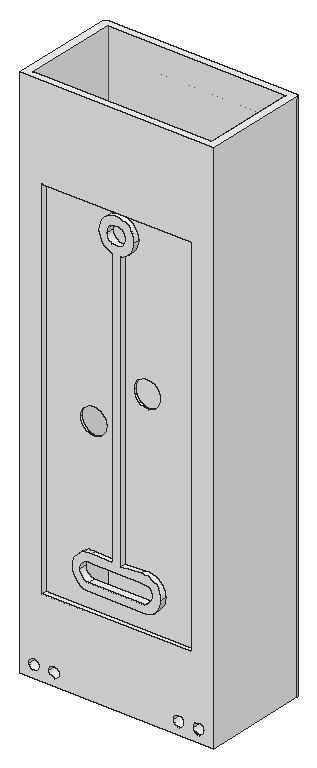
Revit family "STH9731BR_30_STH9731PTO_30", category Luminárias, Revit 2023
Family settings
  Hospedeiro = Parede
  Cota do conector redondo = Utilizar diâmetro
  Tipo de parte = Normal
  Número OmniClass = 23.80.70.00
  Título OmniClass = Lighting
  Sempre na vertical = Sim
  Corte com vazios quando carregada = Não
  Fonte luminosa = Sim
  Manter orientação da anotação = Não
  Compartilhado = Não
  Ponto de cálculo do ambiente = Não
Parameters (values of type "STH9731BR/30 - BRANCO - BIVOLT - 3000K - 110lm")
  Ângulo de inclinação = 90.00°
  Ângulo de Abertura = "70º/4°"
  Wattage = 0.336605 W
  Vidro = Vidro
  URL = "https://stella.com.br/"
  Troca de temperatura da cor de lâmpada com esmaecimento = <Nenhum>
  Tensão Elétrica = "100V-240V"
  built-in parameter 1150107 = 3000 (stored number, unit not read)
  Temperatura da cor (K) = 3000 K
  Referência = "STH9731BR/30"
  Potência = 5 W
  built-in parameter 1150110 = 1 (stored number, unit not read)
  built-in parameter 1150109 = 1 (stored number, unit not read)
  built-in parameter 1114218 = 1 (stored number, unit not read)
  built-in parameter 1150112 = 1 (stored number, unit not read)
  built-in parameter 1150113 = 1 (stored number, unit not read)
  built-in parameter 1150132 = 2
  built-in parameter 1150137 = (empty or 0)
  Modelo = "Wall Mini"
  Luminoso = Luminoso - 3000K
  built-in parameter 1150106 = 0.039789 (stored number, unit not read)
  Largura = 0.02 m
  built-in parameter 1150102 = (empty or 0)
  built-in parameter 1150105 = 3.9789 (stored number, unit not read)
  IRC (Índice de reprodução de cores) = ">80"
  Grau de proteção (IP) = "IP65"
  Fluxo Luminoso = 110 lm
  Color Filter = 16777215
  built-in parameter 1114217 = 1 (stored number, unit not read)
  built-in parameter 1150139 = (empty or 0)
  Fabricante = "Stella"
  Estrutura = Al - Branco
  Default Elevation = 0.00 m
  built-in parameter 1150104 = 13.8 (stored number, unit not read)
  Dimerização = "Não dimerizável"
  built-in parameter 1150115 = 1 (stored number, unit not read)
  built-in parameter 1150114 = 1 (stored number, unit not read)
  Lumens = 50 lm
  built-in parameter 1150138 = (empty or 0)
  built-in parameter 1150134 = (empty or 0)
  Comprimento = 0.036 m
  Arquivo de rede fotométrica = "STELLA - WALL MINI - FACHO FECHADO.ies"
  Altura = 0.10 m
  built-in parameter 1150133 = 10 (stored number, unit not read)
Types (3, lengths in m): name | Referência | Estrutura
  (no name) | "STH9731BR/30" | Al - Branco
  STH9731BR/30 - BRANCO - BIVOLT - 3000K - 110lm | "STH9731BR/30" | Al - Branco
  STH9731PTO/30 - PRETO - BIVOLT - 3000K - 110lm | "STH9731PTO/30" | Al - Preto
Reference planes (m)
  plane 1: y = 0
  plane 2 "Eixo de origem da luz (F/T)": y = 0.1132
  plane 3 "Plano de inclinação da fonte de luz": x = -0.036356
  plane 4 "Elevação da origem da luz": z = 1
  plane 5: x = -0.018356
  plane 6: x = -0.054356
  plane 7: y = 0.1232
  plane 8 "Superior": z = 1.05
  plane 9: z = 0.95
  plane 10 "Centro": z = 1
Forms (m)
  Extrusion 1, solid, material "Al - Branco" <- "Estrutura"
    sketch origin (0, 0, 1) x (0, 1, 0) y (-1, 0, 0)
      loop
        arc (0.1232, 0.053756) -> (0.123024, 0.05418) -> (0.1226, 0.054356) r 0.0006
        line (0.1226, 0.054356) -> (0.1032, 0.054356) -> (0.1032, 0.018356) -> (0.1226, 0.018356)
        arc (0.1226, 0.018356) -> (0.123024, 0.018531) -> (0.1232, 0.018956) r 0.0006
        line (0.1232, 0.018956) -> (0.1232, 0.053756)
      loop
        line (0.104493, 0.052956) -> (0.104493, 0.019756) -> (0.121793, 0.019756) -> (0.121793, 0.052956) -> (0.104493, 0.052956)
    from -0.05 to 0.05
  Extrusion 2, solid, material "Vidro" <- "Vidro"
    sketch origin (-0.000175, 0, 1) x (0, 1, 0) y (-1, 0, 0)
      loop
        line (0.104493, 0.052781) -> (0.104493, 0.019581) -> (0.121793, 0.019581) -> (0.121793, 0.052781) -> (0.104493, 0.052781)
    from 0.0455 to 0.05
  Extrusion 3, solid, material "Vidro" <- "Vidro"
    sketch origin (-0.000175, 0, 1) x (0, 1, 0) y (-1, 0, 0)
      loop
        line (0.104493, 0.044856) -> (0.104493, 0.027506) -> (0.121793, 0.027506) -> (0.121793, 0.044856) -> (0.104493, 0.044856)
    from -0.05 to -0.045483
  Extrusion 4, void
    sketch origin (-0.036356, 0, 0) x (0, -1, 0) y (0, 0, 1)
      loop
        line (-0.110858, 0.956738) -> (-0.106144, 0.956738) -> (-0.105431, 0.95753) -> (-0.111496, 0.95753) -> (-0.110858, 0.956738)
      loop
        line (-0.106144, 0.955785) -> (-0.110858, 0.955785) -> (-0.110858, 0.954985) -> (-0.106144, 0.954985) -> (-0.106144, 0.955785)
      loop
        line (-0.110858, 0.954033) -> (-0.111496, 0.953241) -> (-0.105431, 0.953241) -> (-0.106144, 0.954033) -> (-0.110858, 0.954033)
    from 0.01737 to 0.018
  Extrusion 5, void
    sketch origin (0, 0.1132, 0) x (1, 0, 0) y (0, 0, 1)
      loop
        line (-0.022456, 1.0329) -> (-0.050256, 1.0329) -> (-0.050256, 0.9646) -> (-0.022456, 0.9646) -> (-0.022456, 1.0329)
      loop
        arc (-0.039606, 1.029) -> (-0.038905, 1.026984) -> (-0.037106, 1.025838) r 0.00325
        line (-0.037106, 1.025838) -> (-0.037106, 0.974255)
        arc (-0.037106, 0.974255) -> (-0.039027, 0.974315) -> (-0.040945, 0.974443) r 0.05475
        arc (-0.040945, 0.974443) -> (-0.044536, 0.97164) -> (-0.041799, 0.968) r 0.00325
        arc (-0.041799, 0.968) -> (-0.036409, 0.967758) -> (-0.031019, 0.967991) r 0.061242
        arc (-0.031019, 0.967991) -> (-0.028906, 0.969033) -> (-0.028052, 0.971228) r 0.00325
        arc (-0.028052, 0.971228) -> (-0.029187, 0.973696) -> (-0.0318, 0.97444) r 0.00325
        arc (-0.0318, 0.97444) -> (-0.033701, 0.974314) -> (-0.035606, 0.974255) r 0.05475
        line (-0.035606, 0.974255) -> (-0.035606, 1.025838)
        arc (-0.035606, 1.025838) -> (-0.033806, 1.026984) -> (-0.033106, 1.029) r 0.00325
        arc (-0.033106, 1.029) -> (-0.036356, 1.03225) -> (-0.039606, 1.029) r 0.00325
    from 0.009 to 0.01
  Extrusion 6, void
    sketch origin (0, 0.1132, 0) x (1, 0, 0) y (0, 0, 1)
      loop
        circle (-0.031356, 1.004) r 0.0025
      loop
        circle (-0.041356, 0.996) r 0.0025
      loop
        arc (-0.041097, 0.97295) -> (-0.042531, 0.972572) -> (-0.043159, 0.971228) r 0.00175
        arc (-0.043159, 0.971228) -> (-0.0427, 0.970046) -> (-0.041562, 0.969485) r 0.00175
        arc (-0.041562, 0.969485) -> (-0.03633, 0.969258) -> (-0.031098, 0.969489) r 0.059742
        arc (-0.031098, 0.969489) -> (-0.029666, 0.971472) -> (-0.031614, 0.97295) r 0.00175
        arc (-0.031614, 0.97295) -> (-0.036356, 0.97275) -> (-0.041097, 0.97295) r 0.05625
      loop
        circle (-0.036356, 1.029) r 0.00175
    from 0.008564 to 0.010221
  Extrusion 7, void
    sketch origin (0, 0.1132, 0) x (1, 0, 0) y (0, 0, 1)
      loop
        circle (-0.047918, 0.952267) r 0.001
      loop
        circle (-0.051669, 0.952267) r 0.001
      loop
        circle (-0.024793, 0.952267) r 0.001
      loop
        circle (-0.021042, 0.952267) r 0.001
    from -0.008 to 0.01
  Extrusion 8, solid, material "Al - Branco" <- "Estrutura"
    sketch origin (-0.0081, -0.03, 1) x (0, 1, 0) y (-1, 0, 0)
      loop
        line (0.134493, 0.044856) -> (0.134493, 0.03693) -> (0.151793, 0.03693) -> (0.151793, 0.044856) -> (0.134493, 0.044856)
      loop
        line (0.134493, 0.011656) -> (0.151793, 0.011656) -> (0.151793, 0.019581) -> (0.134493, 0.019581) -> (0.134493, 0.011656)
    from -0.05 to -0.045483
Cuts and joins
  Extrusion 4, Extrusion 5, Extrusion 6, Extrusion 7 cuts Extrusion 1
  Extrusion 7 cuts Extrusion 8
  joined: Extrusion 1, Extrusion 8
Text (m)
  text "Lado da colocação" at (0, 1.019848, 2.959603), in view "Direita"
  text "Lado da colocação" at (-0.607662, 0.698012, 0), in view "Nível de referência"
  text "Lado da colocação" at (0, 1.206291, 3.311227), in view "Esquerda"
  text "90 graus" at (-0.2286, 1.737863, 1.839117), in view "Esquerda"
  text "Inclinação da luz de 0 graus" at (-0.2286, 0.870797, 0.30306), in view "Esquerda"
  text "180 graus" at (-0.2286, 0.532154, 2.671909), in view "Esquerda"
Dimensions and locks (m)
  "Comprimento": plane 6 to plane 5
  "Largura": cut or joined group of Extrusion 1, Extrusion 4, Extrusion 5, Extrusion 6, Extrusion 7, Extrusion 8 to plane 7
  "Altura": plane 9 to plane 8 "Superior"
  aligned and locked: Extrusion 1 to plane 9
  aligned and locked: plane 8 "Superior" to Extrusion 1
  aligned and locked: Extrusion 1 to Extrusion 2
Automatic sketch dimensions
  host wall to Extrusion 1 sketch curve = 0.00 m
  Extrusion 1 sketch curve to plane 5 = 0.00 m
  Extrusion 1 sketch curve to plane 6 = 0.00 m
  Extrusion 1 sketch curve to plane 7 = 0.00 m
  host wall to Extrusion 1 sketch curve = 0.001293 m
  Extrusion 1 sketch curve to plane 7 = 0.001407 m
  plane 6 to Extrusion 1 sketch curve = 0.0006 m
  Extrusion 1 sketch curve to plane 7 = 0.0006 m
  Extrusion 1 sketch curve to plane 5 = 0.0014 m
  Extrusion 1 sketch curve to Extrusion 1 sketch curve = 0.0008 m
  host wall to Extrusion 2 sketch curve = 0.001293 m
  Extrusion 2 sketch curve to plane 7 = 0.001407 m
  Extrusion 2 sketch curve to plane 3 "Plano de inclinação da fonte de luz" = 0.0166 m
  plane 3 "Plano de inclinação da fonte de luz" to Extrusion 2 sketch curve = 0.0166 m
  host wall to Extrusion 3 sketch curve = 0.001293 m
  Extrusion 3 sketch curve to plane 7 = 0.001407 m
  Extrusion 3 sketch curve to plane 3 "Plano de inclinação da fonte de luz" = 0.008675 m
  plane 3 "Plano de inclinação da fonte de luz" to Extrusion 3 sketch curve = 0.008675 m
  plane 2 "Eixo de origem da luz (F/T)" to Extrusion 4 sketch curve = 0.001704 m  (x2)
  Extrusion 4 sketch curve to Extrusion 4 sketch curve = 0.000638 m  (x2)
  Extrusion 4 sketch curve to Extrusion 4 sketch curve = 0.00 m  (x3)
  host wall to Extrusion 4 sketch curve = 0.002944 m
  Extrusion 4 sketch curve to Extrusion 4 sketch curve = 0.000713 m  (x2)
  plane 9 to Extrusion 4 sketch curve = 0.003241 m
  Extrusion 4 sketch curve to Extrusion 4 sketch curve = 0.000792 m  (x2)
  Extrusion 4 sketch curve to Extrusion 4 sketch curve = 0.000953 m  (x2)
  Extrusion 4 sketch curve to Extrusion 4 sketch curve = 0.0008 m
  plane 3 "Plano de inclinação da fonte de luz" to Extrusion 5 sketch curve = 0.00075 m
  plane 6 to Extrusion 5 sketch curve = 0.0041 m
  Extrusion 5 sketch curve to plane 3 "Plano de inclinação da fonte de luz" = 0.00075 m
  Extrusion 5 sketch curve to plane 5 = 0.0041 m
  plane 9 to Extrusion 5 sketch curve = 0.0146 m
  Extrusion 5 sketch curve to Extrusion 5 sketch curve = 0.003027 m
  Extrusion 5 sketch curve to Extrusion 5 sketch curve = 0.00 m  (x11)
  Extrusion 5 sketch curve to plane 8 "Superior" = 0.024162 m
  Extrusion 5 sketch curve to Extrusion 5 sketch curve = 0.003162 m
  Extrusion 5 sketch curve to Extrusion 5 sketch curve = 0.0039 m
  Extrusion 5 sketch curve to Extrusion 5 sketch curve = 0.000369 m
  Extrusion 5 sketch curve to Extrusion 5 sketch curve = 0.000498 m
  plane 3 "Plano de inclinação da fonte de luz" to Extrusion 6 sketch curve = 0.005 m
  Extrusion 6 sketch curve to plane 3 "Plano de inclinação da fonte de luz" = 0.005 m
  plane 4 "Elevação da origem da luz" to Extrusion 6 sketch curve = 0.004 m
  Extrusion 6 sketch curve to plane 4 "Elevação da origem da luz" = 0.004 m
  Extrusion 6 sketch curve to Extrusion 6 sketch curve = 0.0025 m  (x2)
  plane 6 to Extrusion 7 sketch curve = 0.002687 m
  Extrusion 7 sketch curve to Extrusion 7 sketch curve = 0.003751 m
  plane 9 to Extrusion 7 sketch curve = 0.002267 m  (x4)
  Extrusion 7 sketch curve to plane 5 = 0.006437 m
  Extrusion 7 sketch curve to plane 5 = 0.002687 m
  host wall to Extrusion 8 sketch curve = 0.001293 m  (x2)
  Extrusion 8 sketch curve to plane 7 = 0.001407 m  (x2)
  plane 6 to Extrusion 8 sketch curve = 0.0346 m
  Extrusion 8 sketch curve to Extrusion 8 sketch curve = 0.007925 m  (x2)
  Extrusion 8 sketch curve to Extrusion 8 sketch curve = 0.01735 m
  plane 3 "Plano de inclinação da fonte de luz" to Extrusion 5 sketch curve = 0.00 m
  plane 3 "Plano de inclinação da fonte de luz" to Extrusion 5 sketch curve = 0.004959 m
  Extrusion 5 sketch curve to plane 3 "Plano de inclinação da fonte de luz" = 0.005054 m
  Extrusion 5 sketch curve to Extrusion 5 sketch curve = 0.006614 m
  Extrusion 5 sketch curve to Extrusion 5 sketch curve = 0.000015 m
  Extrusion 5 sketch curve to Extrusion 5 sketch curve = 0.000484 m
  Extrusion 6 sketch curve to Extrusion 6 sketch curve = 0.00 m  (x5)
  plane 3 "Plano de inclinação da fonte de luz" to Extrusion 6 sketch curve = 0.005054 m
  plane 9 to Extrusion 6 sketch curve = 0.021228 m
  Extrusion 6 sketch curve to Extrusion 6 sketch curve = 0.00175 m
  Extrusion 6 sketch curve to Extrusion 6 sketch curve = 0.000153 m
  Extrusion 6 sketch curve to Extrusion 6 sketch curve = 0.000312 m
  plane 3 "Plano de inclinação da fonte de luz" to Extrusion 6 sketch curve = 0.00 m
  Extrusion 6 sketch curve to plane 8 "Superior" = 0.021 m
  Extrusion 6 sketch curve to plane 3 "Plano de inclinação da fonte de luz" = 0.004741 m
  Extrusion 6 sketch curve to Extrusion 6 sketch curve = 0.000516 m
  Extrusion 6 sketch curve to Extrusion 6 sketch curve = 0.000217 m
  plane 3 "Plano de inclinação da fonte de luz" to Extrusion 6 sketch curve = 0.00175 m
  radius of Extrusion 7 sketch curve = 0.001 m  (x4)
Nested families (m)
  nested 1: "Fonte Luminosa Wall Mini - Facho Aberto" at (-0.036356, 0.117387, 1.03002), type "Fonte Luminosa Wall Mini - Facho Aberto"
Connectors (m)
  electrical at (-0.036356, 0.1132, 1)
    settings: index 1, voltage 0 V, apparent load 0 VA, apparent load phase1 0 VA, apparent load phase2 0 VA, apparent load phase3 0 VA, power factor 1, load classification "Outro", number of poles 1, system type 31, power factor state 1, is connector primary yes, connector utility no, sub classification motor no, connector description ""
Definition of nested family "Fonte Luminosa Wall Mini - Facho Aberto"
  Parameters (values of type "Fonte Luminosa Wall Mini - Facho Aberto")
    Tilt Angle = 90.00°
    Wattage = 0.67321 W
    built-in parameter 1150110 = 1 (stored number, unit not read)
    built-in parameter 1114217 = 1 (stored number, unit not read)
    built-in parameter 1150109 = 1 (stored number, unit not read)
    Default Elevation = 0.00 m
    built-in parameter 1150134 = (empty or 0)
    built-in parameter 1150113 = 1 (stored number, unit not read)
    Lumens = 100 lm
    built-in parameter 1150115 = 1 (stored number, unit not read)
    built-in parameter 1150105 = 7.9577 (stored number, unit not read)
    built-in parameter 1150137 = (empty or 0)
    built-in parameter 1150139 = (empty or 0)
    built-in parameter 1150112 = 1 (stored number, unit not read)
    built-in parameter 1150114 = 1 (stored number, unit not read)
    built-in parameter 1150132 = 2
    built-in parameter 1150102 = (empty or 0)
    built-in parameter 1150138 = (empty or 0)
    built-in parameter 1150107 = 3000 (stored number, unit not read)
    built-in parameter 1150106 = 0.079577 (stored number, unit not read)
    built-in parameter 1150104 = 13.8 (stored number, unit not read)
    Dimming Lamp Color Temperature Shift = (empty or 0)
    Color Filter = 16777215
    built-in parameter 1114218 = 1 (stored number, unit not read)
    Photometric Web File = "STELLA - WALL MINI - FACHO ABERTO .ies"
    built-in parameter 1150133 = 10 (stored number, unit not read)
  Reference planes (m)
    plane 1 "Eixo de origem da luz (F/T)": y = 0
    plane 2: z = 0
    plane 3 "Eixo de origem da luz (E/D)": x = 0
    plane 4 "Elevação da origem da luz": z = 0
  Dimensions and locks (m)
    aligned and locked: plane 3 "Eixo de origem da luz (E/D)" to imposter light
    aligned and locked: plane 1 "Eixo de origem da luz (F/T)" to imposter light
    aligned and locked: plane 4 "Elevação da origem da luz" to imposter light
    aligned and locked: level to plane 2
